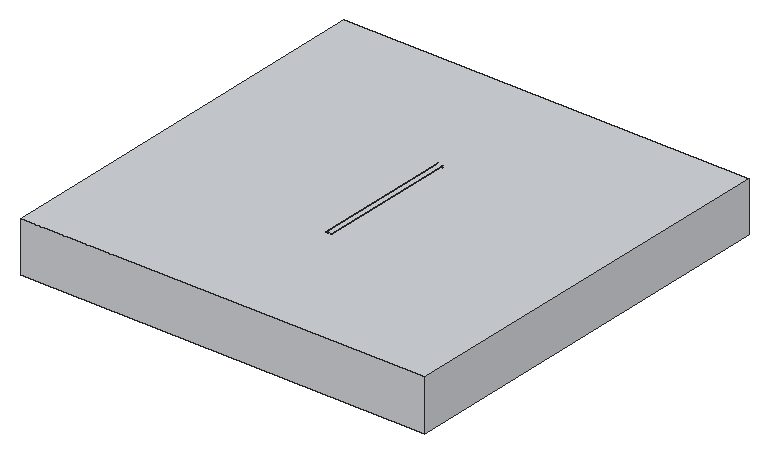
Revit family "LAMP_FIL 35 840MM OPAL COMFORT TRIMLESS", category Luminarias, Revit 2018
Family settings
  Anfitrión = Cara
  Cota de conector redondo = Diámetro de uso
  Tipo de pieza = Normal
  Corte con vacíos al cargar = No
  Origen de luz = Sí
  Compartido = No
  Punto de cálculo de habitación = No
Parameters (values of type "801LM 3000K  WHITE")
  Ángulo de inclinación = -90.00°
  Weight = 2.00 kg
  Wattage = 8.8 W
  Type = "MID POWER TRIDONIC"
  built-in parameter 1150107 = 3000 (stored number, unit not read)
  Recessed dimensions = "847x52x0"
  built-in parameter 1150110 = 1 (stored number, unit not read)
  built-in parameter 1150109 = 1 (stored number, unit not read)
  built-in parameter 1150112 = 1 (stored number, unit not read)
  built-in parameter 1150113 = 1 (stored number, unit not read)
  built-in parameter 1114218 = 1 (stored number, unit not read)
  Protection rating = "IP20 / IK07"
  Product datasheet = "http://www.lamp.es/product-files/TECH/F31TR084LOOC830NW-EN.pdf"
  Product code = "F31TR084LOOC830NW"
  Product URL = "https://www.lamp.es/en/family/fil-35_413911"
  Power Supply = "220-240V 50/60Hz"
  Power = 8 W
  Plum = 8.8 W
  Photobiological risk = ""
  NOT COVER 2 [instance] = not(END COVER 2)  # no
  NOT COVER 1 [instance] = not(END COVER 1)  # no
  built-in parameter 1150137 = (empty or 0)
  built-in parameter 1150132 = 2
  Modelo = Product code  # "F31TR084LOOC830NW"
  Model Explanation = ""
  Material suspension = LAMP_Acero genérico
  Material perfil = LAMP_Aluminio Perfil Fil BL
  Material difusor = LAMP_PC Difusor Opal Fil
  Manufacturer name = "LAMP"
  Manufacturer country = "Spain"
  Manufacturer URL = "http://www.lamp.es/en"
  MacAdam = "3"
  Longitud de línea de emisión = 840 mm
  Last update = "07/05/2021"
  Lamp = "MID-POWER LED"
  LED Lifetime = "50.000 L90 B10"
  built-in parameter 1150105 = 316.44 (stored number, unit not read)
  built-in parameter 1150102 = (empty or 0)
  Insulation class = "I"
  Installation instructions = "https://www.lamp.es/product-files/INS/1004590-A%20INSTR.%20FIL35.pdf"
  built-in parameter 1150106 = 3.1644 (stored number, unit not read)
  IEE = "A+"
  Gear = "Electronic"
  Lumens = 800.8 lm
  Finish = "Matte white RAL 9010"
  Color Filter = 16777215
  built-in parameter 1114217 = 1 (stored number, unit not read)
  built-in parameter 1150139 = (empty or 0)
  Fabricante = Manufacturer name  # "LAMP"
  Default Elevation = 1219.2 mm
  built-in parameter 1150104 = 8.4542 (stored number, unit not read)
  Efficacy = 91 lm/W
  END COVER 2 [instance] = yes
  END COVER 1 [instance] = yes
  Dimensions = "840x51x76"
  Descripción = "FIL35 TRIM 840 1200 WW OP COMF WH."
  built-in parameter 1150115 = 1 (stored number, unit not read)
  built-in parameter 1150114 = 1 (stored number, unit not read)
  built-in parameter 1150138 = (empty or 0)
  built-in parameter 1150134 = 3
  Dimming Lamp Color Temperature Shift = (empty or 0)
  CRI = "80"
  Archivo de red fotométrica = "F31TR084LOOC830NW.IES"
  built-in parameter 1150133 = 10 (stored number, unit not read)
Types (4, lengths in mm): name | built-in parameter 1150107 | Product datasheet | Product code | Modelo | built-in parameter 1150105 | built-in parameter 1150106 | Lumens | built-in parameter 1150104 | Efficacy | Descripción | Archivo de red fotométrica
  801LM 3000K DALI WHITE | 3000 (stored number, unit not read) | "http://www.lamp.es/product-files/TECH/F31TR084LOOC830DW-EN.pdf" | "F31TR084LOOC830DW" | "F31TR084LOOC830DW" | 316.44 (stored number, unit not read) | 3.1644 (stored number, unit not read) | 800.8 lm | 8.4542 (stored number, unit not read) | 91 lm/W | "FIL35 TRIM 840 1200 WW OP COMF DALI WH." | "F31TR084LOOC830NW.IES"
  801LM 3000K  WHITE | 3000 (stored number, unit not read) | "http://www.lamp.es/product-files/TECH/F31TR084LOOC830NW-EN.pdf" | "F31TR084LOOC830NW" | "F31TR084LOOC830NW" | 316.44 (stored number, unit not read) | 3.1644 (stored number, unit not read) | 800.8 lm | 8.4542 (stored number, unit not read) | 91 lm/W | "FIL35 TRIM 840 1200 WW OP COMF WH." | "F31TR084LOOC830NW.IES"
  834LM 4000K DALI WHITE | 4000 (stored number, unit not read) | "http://www.lamp.es/product-files/TECH/F31TR084LOOC840DW-EN.pdf" | "F31TR084LOOC840DW" | "F31TR084LOOC840DW" | 329.65 (stored number, unit not read) | 3.2965 (stored number, unit not read) | 834.24 lm | 8.8072 (stored number, unit not read) | 94.8 lm/W | "FIL35 TRIM 840 1200 NW OP COMF DALI WH." | "F31TR084LOOC840NW.IES"
  834LM 4000K  WHITE | 4000 (stored number, unit not read) | "http://www.lamp.es/product-files/TECH/F31TR084LOOC840NW-EN.pdf" | "F31TR084LOOC840NW" | "F31TR084LOOC840NW" | 329.65 (stored number, unit not read) | 3.2965 (stored number, unit not read) | 834.24 lm | 8.8072 (stored number, unit not read) | 94.8 lm/W | "FIL35 TRIM 840 1200 NW OP COMF WH." | "F31TR084LOOC840NW.IES"
Reference planes
  plane 1 "Centro (Frontal/Posterior)": y = 0
  plane 2: z = 0
  plane 3 "Centro (Izquierda/Derecha)": x = 0
Forms (mm)
  Extrusion 1, solid
    sketch origin (0, 0, 0) x (1, 0, 0) y (0, 1, 0)
      loop
        line (-1219.2, 1219.2) -> (-1219.2, -1219.2) -> (1219.2, -1219.2) -> (1219.2, 1219.2) -> (-1219.2, 1219.2)
    from 0 to -304.8
  Extrusion 2, solid, material "LAMP_Aluminio Perfil Fil BL" <- "Material perfil"
    sketch origin (0, 0, -281.8) x (1, 0, 0) y (0, 0, 1)
      loop
        line (-17.5, 205.82) -> (0, 205.82) -> (17.5, 205.82) -> (17.5, 270.3) -> (25.5, 270.3) -> (25.5, 271.8) -> (17.5, 271.8) -> (17.5, 280.8) -> (16.5, 281.8) -> (16.5, 259) -> (0, 259) -> (-16.5, 259) -> (-16.5, 281.8) -> (-17.5, 280.8) -> (-17.5, 271.8) -> (-25.5, 271.8) -> (-25.5, 270.3) -> (-17.5, 270.3) -> (-17.5, 205.82)
    from -420 to 420
  Extrusion 3, solid, material "LAMP_PC Difusor Opal Fil" <- "Material difusor"
    sketch origin (0, 0, -283) x (1, 0, 0) y (0, 0, 1)
      loop
        line (-16.5, 283) -> (-16.5, 281.8) -> (16.5, 281.8) -> (16.5, 283) -> (-16.5, 283)
    from 420 to -420
Text (mm)
  text "Any modification of the parameters and properties of the LAMP BIM models must be executed and validated by the LAMP technical department.\nPhone: +34 93 736 68 00\nE-mail: lamp@lamp.es\n\nLAMP reserves the right to modify the technical specifications of its products." at (3249.303, 5266.069, -2786.139), in view "Preview"
Dimensions and locks
  aligned and locked: plane 2 to Extrusion 1
  aligned and locked: level to Extrusion 1
Nested families
  nested 1: "LAMP_FIL 35 END COVER TRIMLESS" at (0, -421, -76), visible <- "END COVER 1", type "Blanco"
  nested 2: "LAMP_FIL 35 END COVER TRIMLESS" at (0, 421, -76), visible <- "END COVER 2", type "Blanco"
Connectors
  electrical at (0, 0, -75.3)
    settings: on Extrusion 2, index 1, voltage 230 V, apparent load 0 VA, apparent load phase1 0 VA, apparent load phase2 0 VA, apparent load phase3 0 VA, power factor 1, load classification "Otro", number of poles 1, system type 31, power factor state 1, is connector primary yes, connector utility no, sub classification motor no, connector description ""
Definition of nested family "LAMP_FIL 35 END COVER TRIMLESS"
  Parameters (values of type "Blanco")
    Material tapa = none
  Reference planes
    plane 1 "Centro (Frontal/Posterior)": y = 0
    plane 2: z = 0
    plane 3 "Centro (Izquierda/Derecha)": x = 0
  Forms (mm)
    Extrusion 1, solid, material <- "Material tapa"
      sketch origin (0, 0, 0) x (0, -1, 0) y (0, 0, 1)
        loop
          line (0, 0) -> (1, 0) -> (1, 76) -> (-1, 76) -> (-1, 0) -> (0, 0)
      from -17.5 to 17.5
    Extrusion 2, void
      sketch origin (-1, 0, 65.55) x (1, 0, 0) y (0, 0, 1)
        loop
          line (18.5, 0) -> (18.5, 10.45) -> (17.5, 10.45) -> (17.5, 0) -> (18.5, 0)
      from -23.5 to 23.5
    Extrusion 3, void
      sketch origin (1, 0, 65.55) x (-1, 0, 0) y (0, 0, -1)
        loop
          line (18.5, 0) -> (17.5, 0) -> (17.5, -10.45) -> (18.5, -10.45) -> (18.5, 0)
      from -23.5 to 23.5
  Cuts and joins
    Extrusion 2, Extrusion 3 cuts Extrusion 1
  Dimensions and locks
    aligned and locked: level to plane 2
